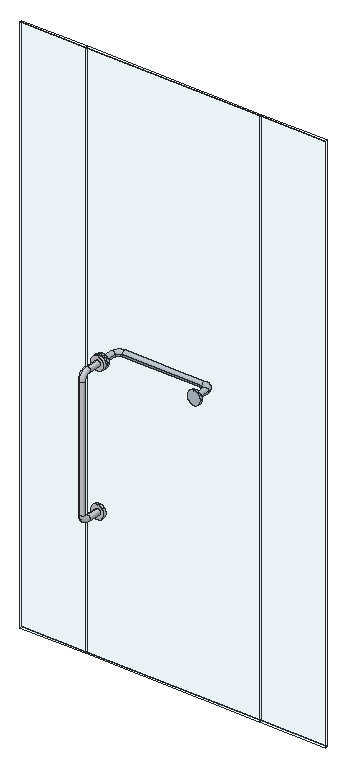
Revit family "RYN_DOR_Swing_1PanelFrameLessGlass+SideFramelessGlasses", category Doors, host Wall, Revit 2025
Family settings
  Host = Wall
  OmniClass Number = 23.30.10.00
  OmniClass Title = Doors
  Always vertical = Yes
  Cut with Voids When Loaded = No
  Shared = No
  Room Calculation Point = No
Parameters (values of type "W1150 X H2620 - D18a")
  RYN_Material_Glass = none
  RYN_Door_Width = 1150 mm
  RYN_Door_PanelWidth = 656.333 mm
  RYN_Door_PanelThickness = 50 mm
  RYN_Door_PanelHeight = 2045 mm
  RYN_Door_OffsetFromExternalSide = 75 mm
  RYN_Door_Height = 2620 mm
  RYN_Door_HandleOffset = 50 mm
  RYN_Door_HandleHeight = 1000 mm
  RYN_Door_GlassThickness = 10 mm
  Plan Swing Width = 900 mm
  Plan Swing Angle [instance] = 90.00°
  Plan Handle [instance] = yes
  Pivot Point = 50 mm
  HR Length = 350 mm
  HR Height = 500 mm
  Function = Interior
  Height = RYN_Door_Height  # 2620 mm
  Wall Closure = By host
  Width = RYN_Door_Width  # 1150 mm
  Define Thermal Properties by = Schematic Type
  Analytic Construction = "<None>"
Reference planes
  plane 1: y = 0
  plane 2 "Center (Left/Right)": x = 0
  plane 3 "Left": x = -575
  plane 4 "Right": x = 575
  plane 5: z = 2620
  plane 6 "Exterior": y = 75
  plane 7 "Interior": y = -75
  plane 8: x = 328.166
  plane 9: x = -328.166
  plane 10: z = 2045
  plane 11: y = 0
  plane 12: y = -10
  plane 13: z = 1000
  plane 14: x = -278.166
  plane 15: y = 606.333
  plane 16: y = 656.333
  plane 17: x = 318.166
  plane 18: x = 323.166
Forms (mm)
  Extrusion 1, solid, material <- "RYN_Material_Glass"
    sketch origin (0, 75, 0) x (1, 0, 0) y (0, 0, 1)
      loop
        line (575, 0) -> (575, 2045) -> (328.166, 2045) -> (328.166, 0) -> (575, 0)
    from 75 to 85
  Extrusion 2, solid, material <- "RYN_Material_Glass"
    sketch origin (-640, 75, 0) x (1, 0, 0) y (0, 0, 1)
      loop
        line (311.834, 0) -> (311.834, 2045) -> (65, 2045) -> (65, 0) -> (311.834, 0)
    from 75 to 85
  Extrusion 3, solid, material <- "RYN_Material_Glass"
    sketch origin (-280, 75, 0) x (1, 0, 0) y (0, 0, 1)
      loop
        line (608.166, 0) -> (608.166, 2045) -> (-48.166, 2045) -> (-48.166, 0) -> (608.166, 0)
    from 75 to 85
Lines and regions (mm)
  Opening 1
    outline origin (-3050, -75, 0) x (1, 0, 0) y (0, 0, 1)
      loop
        line (2475, 0) -> (3625, 0) -> (3625, 2045)
        arc (3625, 2045) -> (3050, 2620) -> (2475, 2045) r 575
        line (2475, 2045) -> (2475, 0)
  symbolic lines
    curve 1: line (-575, 75, 0) -> (575, 75, 0)
  symbolic lines, style "DoorsHiddenLines"
    curve 2: line (-575, -75, 0) -> (328.166, -75, 0)
Text (mm)
  text "Exterior" at (-1376.75, 1099.543, 0), in view "Ref. Level"
  text "Exterior" at (0, 1615.38, 3698.081), in view "Left"
  text "Exterior" at (0, 1036.032, 3874.932), in view "Right"
Dimensions and locks
  equal spacing: plane 3 "Left", plane 2 "Center (Left/Right)", plane 4 "Right"
  "RYN_Door_Width": plane 3 "Left" to plane 4 "Right"
  "RYN_Door_Height": plane 5 to host wall
  host wall to plane 5 = 2620 mm  (x2)
  locked: plane 6 "Exterior" to host wall
  locked: plane 7 "Interior" to host wall
  "RYN_Door_Height": level to Opening 1 sketch curve
  equal spacing: plane 9, plane 2 "Center (Left/Right)", plane 8
  "RYN_Door_PanelWidth": plane 9 to plane 8
  "RYN_Door_PanelHeight": level to plane 10
  "RYN_Door_OffsetFromExternalSide": plane 11 to plane 6 "Exterior"
  "RYN_Door_GlassThickness": plane 11 to plane 12
  "RYN_Door_HandleHeight": level to plane 13
  "RYN_Door_HandleOffset": plane 14 to plane 9
  "RYN_Door_PanelWidth": plane 16 to plane 11
  "RYN_Door_HandleOffset": plane 16 to plane 15
  equal spacing: plane 17, plane 18, plane 8
  "RYN_Door_GlassThickness": plane 17 to plane 8
  aligned and locked: plane 3 "Left" to Opening 1 sketch curve
  aligned and locked: Opening 1 sketch curve to plane 4 "Right"
  aligned and locked: Opening 1 sketch curve to level
  aligned and locked: plane 1 to host wall
  aligned and locked: Extrusion 1 sketch curve to plane 10
  aligned and locked: Extrusion 1 sketch curve to plane 8
  aligned and locked: Extrusion 1 sketch curve to level
  aligned and locked: Extrusion 1 sketch curve to plane 4 "Right"
  aligned and locked: Extrusion 1 to plane 11
  aligned and locked: plane 12 to Extrusion 1
  aligned and locked: plane 12 to Extrusion 2
  aligned and locked: Extrusion 2 to plane 11
  aligned and locked: plane 3 "Left" to Extrusion 2
  aligned and locked: plane 9 to Extrusion 2
  aligned and locked: plane 10 to Extrusion 2
  aligned and locked: Extrusion 2 to level
  aligned and locked: Extrusion 3 to plane 8
  aligned and locked: Extrusion 3 to plane 9
  aligned and locked: plane 12 to Extrusion 3
  aligned and locked: Extrusion 3 to plane 11
  aligned and locked: plane 10 to Extrusion 3
  aligned and locked: Extrusion 3 to level
  aligned and locked: nested 1 to plane 8
  aligned and locked: plane 11 to nested 1
  aligned and locked: plane 14 to nested 2
  aligned and locked: nested 2 to plane 11
  aligned and locked: nested 2 to plane 13
  aligned and locked: nested 3 to plane 15
  aligned and locked: nested 3 to plane 18
  aligned and locked: plane 4 "Right" to curve 1
  aligned and locked: plane 3 "Left" to curve 1
  aligned and locked: plane 6 "Exterior" to curve 1
  aligned and locked: plane 8 to curve 2
  aligned and locked: plane 3 "Left" to curve 2
  aligned and locked: plane 7 "Interior" to curve 2
Automatic sketch dimensions
  Extrusion 2 sketch curve to level = 0 mm
  plane 3 "Left" to Extrusion 2 sketch curve = 0 mm
  Extrusion 2 sketch curve to plane 9 = 0 mm
  Extrusion 2 sketch curve to plane 10 = 0 mm
  Extrusion 3 sketch curve to level = 0 mm
  Extrusion 3 sketch curve to plane 9 = 0 mm
  plane 8 to Extrusion 3 sketch curve = 0 mm
  Extrusion 3 sketch curve to plane 10 = 0 mm
Nested families
  nested 1: "Door - Plan Swing" at (328.166, 0, 0), Swing Angle <- "Plan Swing Angle", type "Door - Plan Swing"
    with Swing Angle 90.00°, Actual Angle 90.00°, Width 656.333 mm, Pivot Point 50 mm
  nested 2: "HandleT" at (-278.166, -5, 1000) x (-1, 0, 0) z (0, 0, 1), type "HandleT"
    with LeafThickness 10 mm
  nested 3: "HandleTD" at (323.166, 606.333, 0), visible <- "Plan Handle", type "HandleTD"
Definition of nested family "HandleT"
  Parameters
    LeafThickness = 50 mm
    HR Length = 350 mm
    HR Height = 500 mm
    Default Elevation = 0 mm
  Reference planes
    plane 1 "Center (Front/Back)": y = 0
    plane 2: z = 0
    plane 3 "Center (Left/Right)": x = 0
    plane 4 "DoorInterior": y = 25
    plane 5 "DoorExterior": y = -25
  Dimensions and locks
    equal spacing: plane 4 "DoorInterior", plane 1 "Center (Front/Back)", plane 5 "DoorExterior"
    "LeafThickness": plane 4 "DoorInterior" to plane 5 "DoorExterior"
    aligned and locked: level to plane 2
    aligned and locked: nested 1 to plane 4 "DoorInterior"
    aligned and locked: plane 5 "DoorExterior" to nested 2
    aligned and locked: nested 2 to level
    aligned and locked: nested 2 to plane 3 "Center (Left/Right)"
    aligned and locked: nested 1 to plane 3 "Center (Left/Right)"
    aligned and locked: level to nested 1  (x2)
    aligned and locked: plane 3 "Center (Left/Right)" to nested 2
  Nested families
    nested 1: "HandleT2" at (-175, 25, 0), type "HandleT2"
    nested 2: "HandleT2H" at (0, -25, -250) x (-1, 0, 0) z (0, 0, 1), type "HandleT2H"
  Definition of nested family "HandleT2"
    Parameters (values of type "HandleT2")
      R = 25 mm
      HL = 350 mm
      HDepth = 80 mm
      HBaseD = 50 mm
      Default Elevation = 0 mm
      D = 20 mm
      Base = 6 mm
    Reference planes
      plane 1 "Center (Front/Back)": y = 0
      plane 2: z = 0
      plane 3 "Center (Left/Right)": x = 0
      plane 4: x = -175
      plane 5: x = 175
      plane 6: y = 6
      plane 7: y = 80
    Forms (mm)
      Sweep 1, solid
        path origin (0, 0, 0) x (1, 0, 0) y (0, 1, 0)
          loop
            line (-175, 6) -> (-175, 55)
            arc (-175, 55) -> (-167.678, 72.678) -> (-150, 80) r 25
            line (-150, 80) -> (150, 80)
            arc (150, 80) -> (167.678, 72.678) -> (175, 55) r 25
            line (175, 55) -> (175, 6)
        profile origin (0, 80, 0) x (0, 1, 0) y (0, 0, 1)
          loop
            circle (0, 0) r 10
      Extrusion 2, solid
        sketch origin (0, 0, 0) x (1, 0, 0) y (0, 0, 1)
          loop
            circle (-175, 0) r 25
        from -6 to 0
      Extrusion 3, solid
        sketch origin (0, 0, 0) x (-1, 0, 0) y (0, 0, -1)
          loop
            circle (-175, 0) r 25
        from -6 to 0
    Dimensions and locks
      equal spacing: plane 4, plane 3 "Center (Left/Right)", plane 5
      "HL": plane 4 to plane 5
      "Base": plane 1 "Center (Front/Back)" to plane 6
      "HDepth": plane 1 "Center (Front/Back)" to plane 7
      "R": radius of Sweep 1 sketch curve  (x2)
      "D": diameter of Sweep 1 sketch curve
      "HBaseD": diameter of Extrusion 2 sketch curve
      "HBaseD": diameter of Extrusion 3 sketch curve
      aligned and locked: level to plane 2
      aligned and locked: plane 6 to Sweep 1 sketch curve  (x2)
      aligned and locked: plane 7 to Sweep 1 sketch curve
      aligned and locked: profile plane to Sweep 1 sketch curve  (x2)
      aligned and locked: plane 4 to Extrusion 2 sketch curve
      aligned and locked: plane 2 to Extrusion 2 sketch curve
      aligned and locked: plane 2 to Extrusion 3 sketch curve
      aligned and locked: plane 5 to Extrusion 3 sketch curve
      aligned and locked: Extrusion 2 to plane 6
      aligned and locked: Extrusion 3 to plane 6
      aligned and locked: plane 1 "Center (Front/Back)" to Extrusion 2
      aligned and locked: plane 1 "Center (Front/Back)" to Extrusion 3
    Automatic sketch dimensions
      Sweep 1 sketch curve to plane 4 = 0 mm
      Sweep 1 sketch curve to plane 5 = 0 mm
  Definition of nested family "HandleT2H"
    Parameters (values of type "HandleT2H")
      R = 25 mm
      Height = 500 mm
      HDepth = 80 mm
      HBaseD = 50 mm
      Default Elevation = 0 mm
      D = 20 mm
      Base = 6 mm
    Reference planes
      plane 1 "Center (Front/Back)": y = 0
      plane 2: z = 0
      plane 3 "Center (Left/Right)": x = 0
      plane 4: y = 6
      plane 5: y = 80
      plane 6: z = -250
      plane 7: z = 250
    Forms (mm)
      Sweep 1, solid
        path origin (0, 0, 0) x (0, 0, 1) y (0, 1, 0)
          loop
            line (-250, 6) -> (-250, 55)
            arc (-250, 55) -> (-242.678, 72.678) -> (-225, 80) r 25
            line (-225, 80) -> (225, 80)
            arc (225, 80) -> (242.678, 72.678) -> (250, 55) r 25
            line (250, 55) -> (250, 6)
        profile origin (0, 80, 0) x (0, 1, 0) y (-1, 0, 0)
          loop
            circle (0, 0) r 10
      Extrusion 2, solid
        sketch origin (0, 0, 0) x (0, 0, 1) y (-1, 0, 0)
          loop
            circle (-250, 0) r 25
        from -6 to 0
      Extrusion 3, solid
        sketch origin (0, 0, 0) x (0, 0, -1) y (1, 0, 0)
          loop
            circle (-250, 0) r 25
        from -6 to 0
    Dimensions and locks
      "Base": plane 1 "Center (Front/Back)" to plane 4
      "HDepth": plane 1 "Center (Front/Back)" to plane 5
      equal spacing: plane 7, level, plane 6
      "Height": plane 7 to plane 6
      "R": radius of Sweep 1 sketch curve  (x2)
      "D": diameter of Sweep 1 sketch curve
      "HBaseD": diameter of Extrusion 2 sketch curve
      "HBaseD": diameter of Extrusion 3 sketch curve
      aligned and locked: level to plane 2
      aligned and locked: profile plane to Sweep 1 sketch curve  (x2)
      aligned and locked: plane 7 to Extrusion 3 sketch curve
      aligned and locked: plane 3 "Center (Left/Right)" to Extrusion 3 sketch curve
      aligned and locked: plane 6 to Extrusion 2 sketch curve
      aligned and locked: plane 3 "Center (Left/Right)" to Extrusion 2 sketch curve
      aligned and locked: plane 6 to Sweep 1 sketch curve
      aligned and locked: plane 5 to Sweep 1 sketch curve
      aligned and locked: plane 7 to Sweep 1 sketch curve
      aligned and locked: plane 4 to Sweep 1 sketch curve  (x2)
Definition of nested family "Door - Plan Swing"
  Parameters (values of type "Door - Plan Swing")
    Width = 875 mm
    Thickness = 60 mm
    Swing Angle [instance] = 90.00°
    Pivot Point = 25 mm
    Define Thermal Properties by = 1
    Default Elevation = 0 mm
    Analytic Construction = "<None>"
    Actual Angle [instance] = if(Swing Angle < 1.00°, 1.00°, Swing Angle)  # 90.00°
  Reference planes
    plane 1 "Center (Front/Back)": y = 0
    plane 2: z = 0
    plane 3 "Center (Left/Right)": x = 0
    plane 4: x = -875
    plane 5: y = 25
    plane 6: x = -30
    plane 7: x = -60
  Lines and regions (mm)
    Masking region 1
      outline origin (0, 0, 0) x (1, 0, 0) y (0, 1, 0)
        loop
          line (-60, 875) -> (-60, 0) -> (0, 0) -> (0, 875) -> (-60, 875)
    reference lines
      curve 1: line (0, 0, 0) -> (0, 875, 0)
      curve 2: line (0, 875, 0) -> (-60, 875, 0)
      curve 3: line (-60, 875, 0) -> (-60, 0, 0)
      curve 4: line (-60, 0, 0) -> (0, 0, 0)
    symbolic lines
      curve 5: arc (-875, 0, 0) -> (-618.718, 618.718, 0) -> (0, 875, 0) r 875
      curve 6: circle (-30, 25, 0) r 5 normal (0, 0, 1)
  Dimensions and locks
    "Width": plane 4 to plane 3 "Center (Left/Right)"
    "Width": curve 1 to curve 1
    "Thickness": curve 1 to curve 3
    "Thickness": plane 7 to plane 3 "Center (Left/Right)"
    equal spacing: plane 7, plane 6, plane 3 "Center (Left/Right)"
    "Pivot Point": plane 1 "Center (Front/Back)" to plane 5
    "Width": radius of curve 5
    "Actual Angle": angle curve 1 to plane 1 "Center (Front/Back)"
    locked: curve 3 to curve 2 (angle 90.00°)
    locked: curve 4 to curve 3 (angle 90.00°)
    locked: curve 1 to curve 4 (angle 90.00°)
    "Actual Angle": angle curve 5 to curve 5
    aligned and locked: level to plane 2
    aligned and locked: plane 1 "Center (Front/Back)" to curve 1
    aligned and locked: plane 3 "Center (Left/Right)" to curve 1
    aligned and locked: Masking region 1 sketch curve to curve 3
    aligned and locked: Masking region 1 sketch curve to curve 2
    aligned and locked: Masking region 1 sketch curve to curve 4
    aligned and locked: Masking region 1 sketch curve to curve 1
    aligned and locked: plane 3 "Center (Left/Right)" to curve 5
    aligned and locked: plane 1 "Center (Front/Back)" to curve 5
    aligned and locked: curve 5 to curve 1
    aligned and locked: plane 5 to curve 6
    aligned and locked: plane 6 to curve 6
  Automatic sketch dimensions
    radius of curve 6 = 5 mm
Definition of nested family "HandleTD"
  Parameters
    Default Elevation = 0 mm
  Reference planes
    plane 1 "Center (Front/Back)": y = 0
    plane 2: z = 0
    plane 3 "Center (Left/Right)": x = 0
  Lines and regions (mm)
    symbolic lines
      curve 1: line (-5, 25, 0) -> (-11, 25, 0)
      curve 2: line (-5, -25, 0) -> (-5, 25, 0)
      curve 3: line (-11, -25, 0) -> (-5, -25, 0)
      curve 4: line (-11, 25, 0) -> (-11, -25, 0)
      curve 5: line (5, 25, 0) -> (11, 25, 0)
      curve 6: line (5, -25, 0) -> (5, 25, 0)
      curve 7: line (11, -25, 0) -> (5, -25, 0)
      curve 8: line (11, 25, 0) -> (11, -25, 0)
      curve 9: line (5, -325, 0) -> (11, -325, 0)
      curve 10: line (5, -375, 0) -> (5, -325, 0)
      curve 11: line (11, -375, 0) -> (5, -375, 0)
      curve 12: line (11, -325, 0) -> (11, -375, 0)
      curve 13: line (-98.092, 10, 0) -> (-11, 10, 0)
      curve 14: line (50, -10, 0) -> (11, -10, 0)
      curve 15: arc (-98.092, -10, 0) -> (-108.092, 0, 0) -> (-98.092, 10, 0) r 10
      curve 16: arc (50, -10, 0) -> (67.678, -17.322, 0) -> (75, -35, 0) r 25
      curve 17: arc (95, -35, 0) -> (81.82, -3.18, 0) -> (50, 10, 0) r 45
      curve 18: line (11, -340, 0) -> (50, -340, 0)
      curve 19: line (50, -360, 0) -> (11, -360, 0)
      curve 20: line (-11, -10, 0) -> (-98.092, -10, 0)
      curve 21: line (11, 10, 0) -> (50, 10, 0)
      curve 22: arc (50, -340, 0) -> (67.678, -332.678, 0) -> (75, -315, 0) r 25
      curve 23: arc (50, -360, 0) -> (81.82, -346.82, 0) -> (95, -315, 0) r 45
      curve 24: line (75, -35, 0) -> (75, -315, 0)
      curve 25: line (95, -315, 0) -> (95, -35, 0)
  Dimensions and locks
    aligned and locked: level to plane 2
